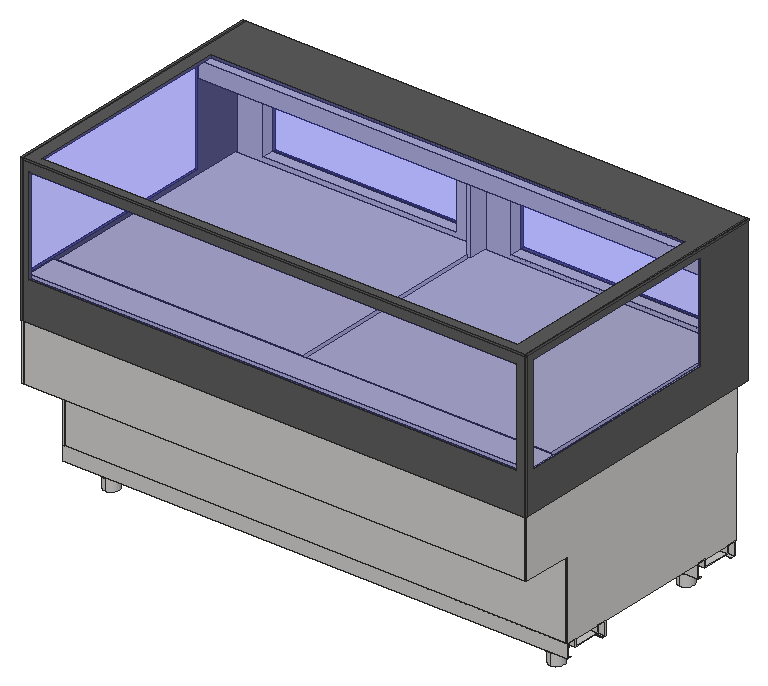
Revit family "Food-Service-Equipment_Oscartek_Italia_1-Pro-1500", category Specialty Equipment, Revit 2026
Family settings
  Round Connector Dimension = Use Diameter
  Part Type = Normal
  Classification Number = 23.40.40.11.17
  Work Plane-Based = No
  Enable Cutting in Views = No
  Always vertical = Yes
  Cut with Voids When Loaded = No
  Maintain Annotation Orientation = No
  Shared = No
  Room Calculation Point = No
Parameters
  Width = 59 3/16"
  Weight in Pounds = 352
  Watts = 900 W
  Volts = 120 V
  URL Cutsheet = "www.oscartek.com"
  URL = "www.oscartek.com"
  Type Mark [instance] = ""
  Type Comments = "As Specified"
  Test Data = "http://www.oscartek.com/company/clients.php"
  Status [instance] = ""
  Specification by User [instance] = ""
  Specification by Manufacturer = ""
  Specification = "https://www.arcat.com/arcatcos/cos48/arc48760.html"
  Show Clearance [instance] = yes
  Show 34 Inches Height [instance] = no
  Serial Number = ""
  Seismic Rating = ""
  Sales Information = "http://www.oscartek.com/company/contact.php"
  SMACNA No = ""
  Revision Code [instance] = ""
  Revision = "R1_2018-10"
  Refrigerant Volume = 0.00 kip
  Refrigerant Type = "R404A"
  Product Data = "http://www.oscartek.com/support/manuals/"
  Plumbing Remarks = ""
  Plumbing Connection Type = ""
  Phase = 1
  Omniclass Number and Title = ""
  Number of Poles [instance] = 1
  NAFEM Spec ID Number = ""
  Model = "ITALIA 1 PRO 1500"
  Min Ckt Ampacity = 0 A
  Max Overcurrent Protection = 0 A
  Masterspec = ""
  Manufacturer Website = "http://www.oscartek.com/index.php"
  Manufacturer Phone - Toll Free = "855-885-2400"
  Manufacturer Phone = "650-342-2400"
  Manufacturer Fax = "650-342-7400"
  Manufacturer Address = "361 Beach Rd., Burlingame, CA 94010"
  Manufacturer = "OSCARTEK"
  Item Number [instance] = ""
  Installed By [instance] = ""
  Installation-Fabrication = "http://www.oscartek.com/support/manuals/"
  Indirect Waste Size = 0"
  Indirect Waste Flow = 0 GPM
  Indirect Waste Connection Type = ""
  Indirect Waste Connection Height = 0"
  Identify Quantity as Lot [instance] = yes
  Height [instance] = if(Show 34 Inches Height, 34", 37 3/8")  # 37 3/8"
  HP = ""
  Green Building-LEED = "https://www.arcat.com/green/green_building.shtml"
  Glass Frame Finish = QF_Plastic-Black-Smooth
  Furnished By [instance] = ""
  Foodservice Equipment Identifier [instance] = yes
  FL Amps = 8.1 A
  Electrical Remarks [instance] = ""
  Electric Connection Type [instance] = ""
  Elec Conn RI Height [instance] = 0"
  Elec Conn Connection Height [instance] = 0"
  Drawn By = "Sumex Design, Inc. / Robert S. Weygant, CSI, CDT, SCIP"
  Description = "ITALIA 1 PRO HIGH HUMIDITY COLD 1500"
  Depth = 32 5/8"
  Default Elevation = 0"
  Cycle = 60 Hz
  Copyright = "©Arcat Inc."
  Construction Details = "http://www.oscartek.com/support/manuals/"
  Conn Plug = ""
  Conn Conduit = yes
  Category = ""
  CSI MasterFormat = "11 41 13"
  CSI Master Format = "Refrigerated Food Storage Cases"
  Building Codes = "https://www.arcat.com/arcatcos/cos48/arc48760.html"
  Body Finish = QF_Metal-Stainless-Polished
  BTUH = 3500.0 Btu/h
  Apparent Power = if(Phase = 3, Volts * FL Amps * 1.73, Volts * FL Amps)  # 972 VA
Reference planes (in)
  plane 1 "BACK": y = 0
  plane 2: z = 0
  plane 3 "LEFT": x = 0
  plane 4 "RIGHT": x = 59.1875
  plane 5 "FRONT": y = -32.625
  plane 6 "TOP": z = 37.375
  plane 7 "Center Y": x = 29.59375
  plane 8 "Center X": y = -16.3125
  plane 9: z = 4.375
  plane 10: x = 55.65836
  plane 11: x = 3.54375
  plane 12: z = 24.25
  plane 13: y = -4.69306
  plane 14: y = -23.68194
  plane 15: z = 13.5
  plane 16: x = 0.25
  plane 17: x = 58.9375
  plane 18: x = 0.75
  plane 19: x = 58.4375
Forms (in)
  Extrusion 1, solid, material "QF_Metal-Stainless-Polished" <- "Body Finish"
    sketch origin (59.1875, 0, 0) x (0, -1, 0) y (0, 0, 1)
      loop
        line (1.8125, 4.375) -> (26.4375, 4.375) -> (26.4375, 13.5) -> (32.375, 13.5) -> (32.375, 20.3125) -> (1.75, 20.3125) -> (1.75, 13.5) -> (1.8125, 13.5) -> (1.8125, 4.375)
    from 0 to 0.25
  Extrusion 2, solid, material "QF_Metal-Stainless-Polished"
    sketch origin (0, 0, 0) x (0, 1, 0) y (0, 0, 1)
      loop
        line (-26.01629, 2.76392) -> (-26.01629, 2.82642) -> (-26.375, 2.82642) -> (-26.375, 4.3125) -> (-25.36235, 4.3125) -> (-25.36235, 3.49218) -> (-22.0016, 3.49218) -> (-22.0016, 4.3125) -> (-20.98895, 4.3125) -> (-20.98895, 2.82642) -> (-21.34765, 2.82642) -> (-21.34765, 2.76392) -> (-20.92645, 2.76392) -> (-20.92645, 4.375) -> (-22.0641, 4.375) -> (-22.0641, 3.55468) -> (-25.29985, 3.55468) -> (-25.29985, 4.375) -> (-26.4375, 4.375) -> (-26.4375, 2.76392) -> (-26.01629, 2.76392)
      loop
        line (-7.02735, 2.76392) -> (-7.02735, 2.82642) -> (-7.38605, 2.82642) -> (-7.38605, 4.3125) -> (-6.3734, 4.3125) -> (-6.3734, 3.49218) -> (-3.01265, 3.49218) -> (-3.01265, 4.3125) -> (-2, 4.3125) -> (-2, 2.82642) -> (-2.35871, 2.82642) -> (-2.35871, 2.76392) -> (-1.9375, 2.76392) -> (-1.9375, 4.375) -> (-3.07515, 4.375) -> (-3.07515, 3.55468) -> (-6.3109, 3.55468) -> (-6.3109, 4.375) -> (-7.44855, 4.375) -> (-7.44855, 2.76392) -> (-7.02735, 2.76392)
    from 0 to 59.1875
  Revolve 3, solid, material "QF_Finishes_Stainless Steel"
    sketch origin (55.65836, -180, 1.4805) x (0, 0, 1) y (0, -1, 0)
      loop
        line (-1.4805, -155.45202) -> (-1.4805, -156.31806) -> (2.01168, -156.31806) -> (2.01168, -155.21583) -> (0.01509, -155.21583) -> (0.01509, -155.45202) -> (-1.4805, -155.45202)
      axis (-1.4805, -156.31806) -> (2.01168, -156.31806)
    angle from 0 to 360
  Revolve 4, solid, material "QF_Finishes_Stainless Steel"
    sketch origin (55.65836, -180, 1.4805) x (0, 0, 1) y (0, -1, 0)
      loop
        line (-1.4805, -174.44091) -> (-1.4805, -175.30694) -> (2.01168, -175.30694) -> (2.01168, -174.20472) -> (0.01509, -174.20472) -> (0.01509, -174.44091) -> (-1.4805, -174.44091)
      axis (-1.4805, -175.30694) -> (2.01168, -175.30694)
    angle from 0 to 360
  Revolve 5, solid, material "QF_Finishes_Stainless Steel"
    sketch origin (3.52914, -180, 1.4805) x (0, 0, 1) y (0, 1, 0)
      loop
        line (-1.4805, 155.45202) -> (0.01509, 155.45202) -> (0.01509, 155.21583) -> (2.01168, 155.21583) -> (2.01168, 156.31806) -> (-1.4805, 156.31806) -> (-1.4805, 155.45202)
      axis (-1.4805, 156.31806) -> (2.01168, 156.31806)
    angle from 0 to 360
  Revolve 6, solid, material "QF_Finishes_Stainless Steel"
    sketch origin (3.52914, -180, 1.4805) x (0, 0, 1) y (0, 1, 0)
      loop
        line (-1.4805, 174.44091) -> (0.01509, 174.44091) -> (0.01509, 174.20472) -> (2.01168, 174.20472) -> (2.01168, 175.30694) -> (-1.4805, 175.30694) -> (-1.4805, 174.44091)
      axis (-1.4805, 175.30694) -> (2.01168, 175.30694)
    angle from 0 to 360
  Extrusion 7, solid, material "QF_Metal-Stainless-Polished" <- "Body Finish"
    sketch origin (0, 0, 0) x (0, -1, 0) y (0, 0, -1)
      loop
        line (1.8125, -4.375) -> (1.8125, -13.5) -> (1.75, -13.5) -> (1.75, -20.3125) -> (32.375, -20.3125) -> (32.375, -13.5) -> (26.4375, -13.5) -> (26.4375, -4.375) -> (1.8125, -4.375)
    from 0 to 0.25
  Extrusion 8, solid, material "QF_Metal-Stainless-Polished" <- "Body Finish"
    sketch origin (59.1875, 0, 0) x (0, -1, 0) y (0, 0, 1)
      loop
        line (26.4375, 4.375) -> (26.4375, 13.5) -> (32.375, 13.5) -> (32.375, 24.25) -> (30.4375, 24.25) -> (30.4375, 15.875) -> (4.6875, 15.0625) -> (4.6875, 20.9375) -> (3.875, 20.9375) -> (3.875, 21.375) -> (1.75, 21.375) -> (1.75, 13.5) -> (1.8125, 13.5) -> (1.8125, 4.375) -> (26.4375, 4.375)
    from 0.25 to 58.9375
  Extrusion 9, solid, material "QF_Metal-Stainless-Polished"
    sketch origin (0, 0, 0) x (1, 0, 0) y (0, 0, 1)
      loop
        line (58.4375, 36) -> (29.84375, 36) -> (29.84375, 20.9375) -> (58.4375, 20.9375) -> (58.4375, 36)
      loop
        line (32.78125, 25.0625) -> (55.5, 25.0625) -> (55.5, 33.75) -> (32.78125, 33.75) -> (32.78125, 25.0625)
      loop
        line (0.75, 36) -> (0.75, 20.9375) -> (29.34375, 20.9375) -> (29.34375, 36) -> (0.75, 36)
      loop
        line (26.40625, 25.0625) -> (26.40625, 33.75) -> (3.6875, 33.75) -> (3.6875, 25.0625) -> (26.40625, 25.0625)
    from 1.75 to 0.25
  Extrusion 10, solid, material "Glass"
    sketch origin (0, 0, 37.375) x (-1, 0, 0) y (0, -1, 0)
      loop
        line (-1.75, 31.625) -> (-57.4375, 31.625) -> (-57.4375, 6.9375) -> (-1.75, 6.9375) -> (-1.75, 31.625)
    from -0.25 to 0
  Extrusion 11, solid, material "Glass"
    sketch origin (0, 0, 0) x (1, 0, 0) y (0, 0, 1)
      loop
        line (1.02344, 36.10156) -> (1.02344, 24.8125) -> (58.16406, 24.8125) -> (58.16406, 36.10156) -> (1.02344, 36.10156)
    from 32.375 to 32.625
  Extrusion 12, solid, material "QF_Metal-Stainless-Polished"
    sketch origin (59.1875, 0, 0) x (0, -1, 0) y (0, 0, 1)
      loop
        line (5.625, 37.125) -> (1.75, 37.125) -> (1.75, 35.5) -> (3.9375, 35.5) -> (3.9375, 34.4375) -> (6.9375, 34.4375) -> (6.9375, 36.3125) -> (5.625, 36.3125) -> (5.625, 37.125)
    from 0.25 to 58.9375
  Extrusion 13, solid, material "Glass"
    sketch origin (0, 0, 0) x (0, -1, 0) y (0, 0, -1)
      loop
        line (6.9375, -36.35138) -> (31.60137, -36.35138) -> (31.60137, -24.8125) -> (6.9375, -24.8125) -> (6.9375, -36.35138)
    from 58.9375 to 59.1875
  Extrusion 14, solid, material "QF_Metal-Stainless-Polished"
    sketch origin (59.1875, 0, 0) x (0, -1, 0) y (0, 0, 1)
      loop
        line (1.75, 21.375) -> (3.625, 21.375) -> (3.625, 21.75) -> (28, 21.75) -> (28, 24.75) -> (2, 24.75) -> (2, 22.8125) -> (1.25, 22.8125) -> (1.25, 22.1875) -> (0.25, 22.1875) -> (0.25, 20.9375) -> (1.75, 20.9375) -> (1.75, 21.375)
    from 29.84375 to 58.4375
  Extrusion 15, solid, material "QF_Metal-Stainless-Polished"
    sketch origin (59.1875, 0, 0) x (0, -1, 0) y (0, 0, 1)
      loop
        line (31.75, 24.25) -> (31.75, 24.8125) -> (28.125, 24.8125) -> (28.125, 21.32989) -> (3.875, 21.32989) -> (3.875, 20.9375) -> (30.4375, 20.9375) -> (30.4375, 24.25) -> (31.75, 24.25)
    from 0.25 to 58.9375
  Extrusion 16, solid, material "QF_Metal-Stainless-Polished"
    sketch origin (59.1875, 0, 0) x (0, -1, 0) y (0, 0, 1)
      loop
        line (0.25, 36) -> (0.25, 34.625) -> (1.25, 34.625) -> (1.25, 34.0625) -> (2.26855, 34.0625) -> (2.26855, 35.25) -> (3.66277, 35.25) -> (3.66277, 35.5) -> (1.75, 35.5) -> (1.75, 36) -> (0.25, 36)
    from 0.75 to 11.8125
  Extrusion 17, solid, material "QF_Door-Drawer Clearances", visible <- "Show Clearance", detail levels coarse
    sketch origin (0, 0, 37.375) x (-1, 0, 0) y (0, -1, 0)
      loop
        line (-58.4375, 0) -> (-58.4375, -12) -> (-29.84375, -12) -> (-29.84375, 0) -> (-58.4375, 0)
      loop
        line (-0.75, 0) -> (-29.34375, 0) -> (-29.34375, -12) -> (-0.75, -12) -> (-0.75, 0)
    from -17.0625 to -0.75
  Extrusion 18, solid, material "QF_Metal-Stainless-Polished"
    sketch origin (59.1875, -1.8125, 13.5) x (0, 0, -1) y (-1, 0, 0)
      loop
        line (1.625, 49.5625) -> (2.5625, 49.5625) -> (2.5625, 54.125) -> (1.625, 54.125) -> (1.625, 49.5625)
    from 0 to 0.125
  Extrusion 19, solid, material "Glass"
    sketch origin (0, 0, 0) x (1, 0, 0) y (0, 0, 1)
      loop
        line (32.78125, 25.0625) -> (55.5, 25.0625) -> (55.5, 33.75) -> (32.78125, 33.75) -> (32.78125, 25.0625)
      loop
        line (26.40625, 25.0625) -> (26.40625, 33.75) -> (3.6875, 33.75) -> (3.6875, 25.0625) -> (26.40625, 25.0625)
    from 0 to 0.25
  Extrusion 20, solid, material "QF_Plastic-Black-Smooth" <- "Glass Frame Finish"
    sketch origin (58.9375, 0, 0) x (0, 1, 0) y (0, 0, 1)
      loop
        line (-32.625, 20.3125) -> (0, 20.3125) -> (0, 37.375) -> (-32.625, 37.375) -> (-32.625, 20.3125)
      loop
        line (-31.60137, 24.8125) -> (-6.9375, 24.8125) -> (-6.9375, 36.35138) -> (-31.60137, 36.35138) -> (-31.60137, 24.8125)
    from 0.125 to 0.25
  Extrusion 21, solid, material "QF_Plastic-Black-Smooth" <- "Glass Frame Finish"
    sketch origin (0, 0, 0) x (1, 0, 0) y (0, 0, 1)
      loop
        line (0, 37.125) -> (0, 20.3125) -> (59.1875, 20.3125) -> (59.1875, 37.125) -> (0, 37.125)
      loop
        line (1.02344, 36.10156) -> (1.02344, 24.8125) -> (58.16406, 24.8125) -> (58.16406, 36.10156) -> (1.02344, 36.10156)
    from 32.375 to 32.625
  Extrusion 22, solid, material "QF_Plastic-Black-Smooth" <- "Glass Frame Finish"
    sketch origin (0, 0, 37.375) x (-1, 0, 0) y (0, -1, 0)
      loop
        line (0, 32.625) -> (-59.1875, 32.625) -> (-59.1875, 0) -> (0, 0) -> (0, 32.625)
      loop
        line (-1.75, 6.9375) -> (-1.75, 31.625) -> (-57.4375, 31.625) -> (-57.4375, 6.9375) -> (-1.75, 6.9375)
    from -0.25 to 0
  Extrusion 23, solid, material "QF_Metal-Stainless-Polished"
    sketch origin (59.1875, 0, 0) x (0, -1, 0) y (0, 0, 1)
      loop
        line (3.9375, 35.5) -> (1.75, 35.5) -> (1.75, 36) -> (0, 36) -> (0, 20.9375) -> (3.9375, 20.9375) -> (3.9375, 35.5)
    from 29.34375 to 29.84375
  Extrusion 24, solid, material "QF_Metal-Stainless-Polished"
    sketch origin (59.1875, 0, 0) x (0, -1, 0) y (0, 0, 1)
      loop
        line (1.75, 21.375) -> (3.625, 21.375) -> (3.625, 21.75) -> (28, 21.75) -> (28, 24.75) -> (2, 24.75) -> (2, 22.8125) -> (1.25, 22.8125) -> (1.25, 22.1875) -> (0.25, 22.1875) -> (0.25, 20.9375) -> (1.75, 20.9375) -> (1.75, 21.375)
    from 0.75 to 29.34375
  Extrusion 25, solid, material "Glass"
    sketch origin (47.375, 0, 0) x (0, -1, 0) y (0, 0, 1)
      loop
        line (6.9375, 36.35138) -> (6.9375, 24.8125) -> (31.60137, 24.8125) -> (31.60137, 36.35138) -> (6.9375, 36.35138)
    from 47.125 to 47.375
  Extrusion 26, solid, material "QF_Plastic-Black-Smooth" <- "Glass Frame Finish"
    sketch origin (0, 0, 0) x (1, 0, 0) y (0, 0, 1)
      loop
        line (58.4375, 36.625) -> (29.84375, 36.625) -> (29.84375, 20.3125) -> (58.4375, 20.3125) -> (58.4375, 36.625)
      loop
        line (32.78125, 25.0625) -> (55.5, 25.0625) -> (55.5, 33.75) -> (32.78125, 33.75) -> (32.78125, 25.0625)
      loop
        line (0.75, 36.625) -> (0.75, 20.3125) -> (29.34375, 20.3125) -> (29.34375, 36.625) -> (0.75, 36.625)
      loop
        line (26.40625, 25.0625) -> (26.40625, 33.75) -> (3.6875, 33.75) -> (3.6875, 25.0625) -> (26.40625, 25.0625)
    from 0 to 0.25
  Extrusion 27, solid, material "QF_Plastic-Black-Smooth" <- "Glass Frame Finish"
    sketch origin (0, 0, 0) x (0, 1, 0) y (0, 0, -1)
      loop
        line (-32.625, -20.3125) -> (-32.625, -37.375) -> (0, -37.375) -> (0, -20.3125) -> (-32.625, -20.3125)
      loop
        line (-31.60137, -24.8125) -> (-31.60137, -36.35138) -> (-6.9375, -36.35138) -> (-6.9375, -24.8125) -> (-31.60137, -24.8125)
    from 0 to -0.25
Cuts and joins
  joined: Extrusion 9, Extrusion 24
  joined: Extrusion 14, Extrusion 23
Lines and regions (in)
  Split face 1
    outline origin (59.1875, -1.6875, 13.5) x (0, 0, -1) y (-1, 0, 0)
      loop
        line (1.68658, 49.61224) -> (2.51583, 49.61224) -> (2.51583, 51.72781) -> (1.68658, 51.72781) -> (1.68658, 49.61224)
  Split face 2
    outline origin (59.1875, -1.6875, 13.5) x (0, 0, -1) y (-1, 0, 0)
      loop
        line (1.64453, 54.10938) -> (1.64453, 53.60938) -> (2.05963, 53.60938) -> (2.05963, 54.10938) -> (1.64453, 54.10938)
  Split face 3
    outline origin (59.76827, -1.6875, 13.5) x (0, 0, -1) y (-1, 0, 0)
      loop
        line (1.64453, 54.12765) -> (1.64453, 53.62765) -> (2.05963, 53.62765) -> (2.05963, 54.12765) -> (1.64453, 54.12765)
  Split face 4
    outline origin (60.33077, -1.6875, 13.5) x (0, 0, -1) y (-1, 0, 0)
      loop
        line (1.64453, 54.12765) -> (1.64453, 53.62765) -> (2.05963, 53.62765) -> (2.05963, 54.12765) -> (1.64453, 54.12765)
  Split face 5
    outline origin (60.89327, -1.6875, 13.5) x (0, 0, -1) y (-1, 0, 0)
      loop
        line (1.64453, 54.12765) -> (1.64453, 53.62765) -> (2.05963, 53.62765) -> (2.05963, 54.12765) -> (1.64453, 54.12765)
  Split face 6
    outline origin (59.1875, -1.6875, 9.3125) x (0, 0, 1) y (1, 0, 0)
      loop
        line (1.64453, -54.10938) -> (2.05963, -54.10938) -> (2.05963, -53.60938) -> (1.64453, -53.60938) -> (1.64453, -54.10938)
  Split face 7
    outline origin (58.60673, -1.6875, 9.3125) x (0, 0, 1) y (1, 0, 0)
      loop
        line (1.64453, -52.9661) -> (2.05963, -52.9661) -> (2.05963, -52.4661) -> (1.64453, -52.4661) -> (1.64453, -52.9661)
  Split face 8
    outline origin (58.04423, -1.6875, 9.3125) x (0, 0, 1) y (1, 0, 0)
      loop
        line (1.64453, -51.8411) -> (2.05963, -51.8411) -> (2.05963, -51.3411) -> (1.64453, -51.3411) -> (1.64453, -51.8411)
  Split face 9
    outline origin (57.48173, -1.6875, 9.3125) x (0, 0, 1) y (1, 0, 0)
      loop
        line (1.64453, -50.7161) -> (2.05963, -50.7161) -> (2.05963, -50.2161) -> (1.64453, -50.2161) -> (1.64453, -50.7161)
  Split face 10
    outline origin (59.1875, -28.125, 24.8125) x (0, -1, 0) y (1, 0, 0)
      loop
        line (1.18431, -57.4375) -> (2.20322, -57.4375) -> (2.20322, -1.75) -> (1.18431, -1.75) -> (1.18431, -57.4375)
  Split face 11
    outline origin (58.28355, -4.71186, 24.75) x (0, -1, 0) y (1, 0, 0)
      loop
        line (0.85254, -23.89417) -> (2.10254, -23.89417) -> (2.10254, -5.23792) -> (0.85254, -5.23792) -> (0.85254, -23.89417)
  Split face 12
    outline origin (59.1875, -2, 24.75) x (0, -1, 0) y (1, 0, 0)
      loop
        line (3.77735, -35.03435) -> (3.77735, -53.6906) -> (5.02735, -53.6906) -> (5.02735, -35.03435) -> (3.77735, -35.03435)
  symbolic lines
    curve 1: line (0, -32.625, 0) -> (59.1875, -32.625, 0)
    curve 2: line (0, 0, 0) -> (0, -32.625, 0)
    curve 3: line (59.1875, 0, 0) -> (0, 0, 0)
    curve 4: line (59.1875, -32.625, 0) -> (59.1875, 0, 0)
    curve 5: line (1.75, -6.9375, 0) -> (57.4375, -6.9375, 0)
    curve 6: line (57.4375, -6.9375, 0) -> (57.4375, -31.625, 0)
    curve 7: line (57.4375, -31.625, 0) -> (1.75, -31.625, 0)
    curve 8: line (1.75, -31.625, 0) -> (1.75, -6.9375, 0)
  symbolic lines, style "QF_Surface Details"
    curve 9: line (6.52987, -14.39801, 0) -> (11.12607, -9.80182, 0)
    curve 10: line (7.73913, -14.20723, 0) -> (10.92111, -11.02525, 0)
    curve 11: line (6.72065, -13.18876, 0) -> (9.90263, -10.00678, 0)
    curve 12: line (6.52987, -26.89801, 0) -> (11.12607, -22.30182, 0)
    curve 13: line (7.73913, -26.70723, 0) -> (10.92111, -23.52525, 0)
    curve 14: line (6.72065, -25.68876, 0) -> (9.90263, -22.50678, 0)
    curve 15: line (27.29565, -14.39801, 0) -> (31.89185, -9.80182, 0)
    curve 16: line (28.50491, -14.20723, 0) -> (31.68689, -11.02525, 0)
    curve 17: line (27.48643, -13.18876, 0) -> (30.66842, -10.00678, 0)
    curve 18: line (27.29565, -26.89801, 0) -> (31.89185, -22.30182, 0)
    curve 19: line (28.50491, -26.70723, 0) -> (31.68689, -23.52525, 0)
    curve 20: line (27.48643, -25.68876, 0) -> (30.66842, -22.50678, 0)
    curve 21: line (48.06143, -14.39801, 0) -> (52.65763, -9.80182, 0)
    curve 22: line (49.27069, -14.20723, 0) -> (52.45267, -11.02525, 0)
    curve 23: line (48.25222, -13.18876, 0) -> (51.4342, -10.00678, 0)
    curve 24: line (48.06143, -26.89801, 0) -> (52.65763, -22.30182, 0)
    curve 25: line (49.27069, -26.70723, 0) -> (52.45267, -23.52525, 0)
    curve 26: line (48.25222, -25.68876, 0) -> (51.4342, -22.50678, 0)
  symbolic lines, style "QF_Door-Drawer Clearances"
    curve 27: line (0.75, 0, 0) -> (0.75, 12, 0)
    curve 28: line (0.75, 12, 0) -> (29.34375, 12, 0)
    curve 29: line (29.34375, 12, 0) -> (29.34375, 0, 0)
    curve 30: line (29.84375, 0, 0) -> (29.84375, 12, 0)
    curve 31: line (29.84375, 12, 0) -> (58.4375, 12, 0)
    curve 32: line (58.4375, 12, 0) -> (58.4375, 0, 0)
Dimensions and locks (in)
  equal spacing: plane 3 "LEFT", plane 7 "Center Y", plane 4 "RIGHT"
  "Width": plane 3 "LEFT" to plane 4 "RIGHT"
  equal spacing: plane 5 "FRONT", plane 8 "Center X", plane 1 "BACK"
  "Depth": plane 5 "FRONT" to plane 1 "BACK"
  locked: plane 4 "RIGHT" to plane 10 at 3.52914
  locked: plane 11 to plane 3 "LEFT" at 3.54375
  plane 5 "FRONT" to plane 1 "BACK" = 32 5/8"
  Extrusion 2 to Extrusion 2 = 24 1/2"
  plane 9 to level = 4 3/8"
  locked: plane 17 to plane 4 "RIGHT" at 0.25
  locked: plane 3 "LEFT" to plane 16 at 0.25
  locked: Extrusion 8 sketch curve to plane 15 at 2.375
  locked: Extrusion 8 sketch curve to plane 15 at 1.5625
  Extrusion 8 sketch curve to Extrusion 8 sketch curve to plane 15 = 7/16" locked, 7 7/16" locked
  "Height": plane 6 "TOP" to level
  locked: plane 6 "TOP" to plane 12 at 13.125
  locked: plane 12 to plane 15 at 10.75
  plane 15 to level = 13 1/2"
  plane 12 to level = 24 1/4"
  locked: plane 6 "TOP" to Extrusion 10 at 0.25
  plane 6 "TOP" to Extrusion 12 sketch curve to Extrusion 12 sketch curve to Extrusion 12 sketch curve to Extrusion 12 sketch curve = 1/4" locked, 13/16" locked, 13/16" locked, 1 1/16" locked
  Extrusion 15 sketch curve to plane 12 to Extrusion 15 sketch curve to Extrusion 15 sketch curve = 9/16" locked, 2.92011" locked, 0.39239" locked
  plane 6 "TOP" to Extrusion 16 sketch curve to Extrusion 16 sketch curve to Extrusion 16 sketch curve to Extrusion 16 sketch curve to Extrusion 16 sketch curve = 1 3/8" locked, 1/2" locked, 1/4" locked, 5/8" locked, 9/16" locked
  locked: plane 18 to plane 3 "LEFT" at 0.75
  locked: plane 19 to plane 4 "RIGHT" at 0.75
  Extrusion 9 sketch curve to Extrusion 9 sketch curve to plane 3 "LEFT" = 2 15/16" locked, 3/4" locked
  Extrusion 9 sketch curve to Extrusion 9 sketch curve to plane 4 "RIGHT" = 2 15/16" locked, 3/4" locked
  Extrusion 9 sketch curve to Extrusion 9 sketch curve to plane 7 "Center Y" to Extrusion 9 sketch curve to Extrusion 9 sketch curve = 2 15/16" locked, 1/4" locked, 1/4" locked, 2 15/16" locked
  Extrusion 9 sketch curve to Extrusion 9 sketch curve to Extrusion 9 sketch curve to Extrusion 9 sketch curve to plane 6 "TOP" = 4 1/8" locked, 8 11/16" locked, 2 1/4" locked, 1 3/8" locked
  Extrusion 19 sketch curve to plane 7 "Center Y" to Extrusion 19 sketch curve = 3 3/16" locked, 3 3/16" locked
  locked: Extrusion 19 sketch curve to plane 3 "LEFT" at 3.6875
  locked: Extrusion 19 sketch curve to plane 4 "RIGHT" at 3.6875
  Extrusion 23 to plane 7 "Center Y" to Extrusion 23 = 1/4" locked, 1/4" locked
  locked: Extrusion 26 sketch curve to Extrusion 26 sketch curve at 2.9375  (x2)
  Extrusion 26 sketch curve to Extrusion 26 sketch curve to Extrusion 26 sketch curve to Extrusion 26 sketch curve = 2 15/16" locked, 1/2", 2 15/16" locked
  Extrusion 26 sketch curve to Extrusion 26 sketch curve to Extrusion 26 sketch curve to Extrusion 26 sketch curve = 4 3/4" locked, 8 11/16" locked, 2 7/8" locked
  aligned and locked: level to plane 2
  aligned and locked: Extrusion 2 to plane 4 "RIGHT"
  aligned and locked: Extrusion 1 sketch curve to plane 15
  aligned and locked: plane 15 to Extrusion 1 sketch curve
  aligned and locked: Extrusion 7 sketch curve to plane 15
  aligned and locked: plane 15 to Extrusion 7 sketch curve
  aligned and locked: plane 15 to Extrusion 8 sketch curve
  aligned and locked: Extrusion 8 sketch curve to plane 9
  aligned and locked: Extrusion 8 sketch curve to plane 12
  aligned and locked: plane 17 to Extrusion 8
  aligned and locked: plane 16 to Extrusion 8
  aligned and locked: plane 6 "TOP" to Extrusion 10
  aligned and locked: plane 17 to Extrusion 12
  aligned and locked: plane 16 to Extrusion 12
  aligned and locked: Extrusion 13 to plane 17
  aligned and locked: Extrusion 13 to plane 4 "RIGHT"
  aligned and locked: Extrusion 15 sketch curve to plane 12
  aligned and locked: plane 17 to Extrusion 15
  aligned and locked: plane 16 to Extrusion 15
  aligned and locked: Extrusion 14 to plane 18
  aligned and locked: Extrusion 9 sketch curve to Extrusion 9 sketch curve  (x4)
  aligned and locked: Extrusion 16 to plane 19
  aligned and locked: Extrusion 19 sketch curve to Extrusion 19 sketch curve  (x2)
  aligned and locked: Extrusion 14 to Extrusion 23
  aligned and locked: Extrusion 24 to Extrusion 23
  aligned and locked: Extrusion 24 to plane 19
  aligned and locked: Extrusion 26 sketch curve to Extrusion 26 sketch curve  (x4)
Automatic sketch dimensions
  plane 1 "BACK" to curve 3 = 0"
  curve 3 to plane 3 "LEFT" = 0"
  curve 27 to plane 18 = 0"
  curve 32 to plane 19 = 0"
  curve 4 to plane 4 "RIGHT" = 0"
  plane 5 "FRONT" to curve 1 = 0"
  plane 18 to curve 8 = 1"
  curve 28 to plane 7 "Center Y" = 1/4"
  plane 7 "Center Y" to curve 30 = 1/4"
  plane 19 to curve 6 = 1"
  curve 8 to plane 5 "FRONT" = 1"
  curve 8 to plane 13 = 2.24444"
  curve 29 to plane 1 "BACK" = 12"
  curve 28 to curve 30 = 0"
  plane 11 to curve 12 = 2.98612"
  plane 11 to curve 9 = 2.98612"
  curve 12 to curve 14 = 0.19078"
  curve 9 to curve 11 = 0.19078"
  curve 9 to curve 10 = 1.20925"
  curve 12 to curve 13 = 1.20925"
  curve 11 to curve 11 = 3.18198"
  plane 14 to curve 14 = 1.17517"
  curve 14 to curve 14 = 3.18198"
  curve 11 to curve 10 = 1.01847"
  plane 14 to curve 13 = 0.15669"
  curve 14 to curve 13 = 1.01847"
  plane 14 to curve 12 = 1.38013"
  curve 14 to curve 12 = 1.22343"
  curve 11 to curve 9 = 1.22343"
  curve 18 to plane 7 "Center Y" = 2.2981"
  curve 15 to plane 7 "Center Y" = 2.2981"
  curve 15 to curve 17 = 0.19078"
  curve 18 to curve 20 = 0.19078"
  curve 16 to plane 7 "Center Y" = 1.08884"
  curve 19 to plane 7 "Center Y" = 1.08884"
  plane 7 "Center Y" to curve 17 = 1.07467"
  plane 7 "Center Y" to curve 20 = 1.07467"
  plane 14 to curve 19 = 0.15669"
  curve 20 to curve 19 = 1.01847"
  curve 17 to curve 16 = 1.01847"
  curve 17 to curve 15 = 1.22343"
  curve 20 to curve 18 = 1.22343"
  curve 24 to plane 14 = 3.21607"
  curve 24 to plane 10 = 7.59693"
  plane 8 "Center X" to curve 21 = 1.91449"
  curve 21 to plane 10 = 7.59693"
  plane 8 "Center X" to curve 23 = 3.12374"
  curve 21 to curve 23 = 0.19078"
  curve 26 to plane 14 = 2.00681"
  curve 24 to curve 26 = 0.19078"
  curve 25 to plane 14 = 3.02529"
  curve 24 to curve 25 = 1.20925"
  plane 8 "Center X" to curve 22 = 2.10527"
  curve 21 to curve 22 = 1.20925"
  plane 14 to curve 26 = 1.17517"
  curve 26 to plane 10 = 4.22416"
  curve 23 to plane 10 = 4.22416"
  curve 23 to curve 22 = 1.01847"
  plane 14 to curve 25 = 0.15669"
  curve 26 to curve 25 = 1.01847"
  curve 23 to curve 21 = 1.22343"
  plane 14 to curve 24 = 1.38013"
  curve 26 to curve 24 = 1.22343"
  curve 12 to plane 14 = 3.21607"
  curve 18 to plane 14 = 3.21607"
  curve 18 to curve 19 = 0.19078"
  curve 12 to curve 13 = 0.19078"
  curve 12 to curve 14 = 1.20925"
  curve 18 to curve 20 = 1.20925"
  plane 14 to curve 20 = 1.17517"
  curve 20 to curve 18 = 0.20496"
  plane 8 "Center X" to curve 9 = 1.91449"
  plane 8 "Center X" to curve 15 = 1.91449"
  curve 15 to curve 16 = 0.19078"
  curve 9 to curve 10 = 0.19078"
  curve 15 to curve 17 = 1.20925"
  curve 9 to curve 11 = 1.20925"
  curve 10 to curve 10 = 3.18198"
  curve 16 to curve 16 = 3.18198"
  curve 22 to curve 22 = 3.18198"
  curve 16 to curve 17 = 1.01847"
  curve 22 to curve 23 = 1.01847"
  curve 10 to curve 11 = 1.01847"
  curve 23 to curve 21 = 0.20496"
  curve 11 to curve 9 = 0.20496"
  curve 17 to curve 15 = 0.20496"
  Extrusion 1 sketch curve to plane 9 = 0"
  plane 1 "BACK" to Extrusion 1 sketch curve = 1 3/4"
  plane 1 "BACK" to Extrusion 1 sketch curve = 1 13/16"
  Extrusion 1 sketch curve to plane 14 = 2.75556"
  Extrusion 1 sketch curve to plane 5 "FRONT" = 1/4"
  Extrusion 1 sketch curve to plane 12 = 3 15/16"
  Extrusion 2 sketch curve to plane 9 = 0"  (x4)
  Extrusion 2 sketch curve to plane 14 = 2.75556"
  Extrusion 2 sketch curve to Extrusion 2 sketch curve = 1/16"  (x14)
  Extrusion 2 sketch curve to Extrusion 2 sketch curve = 0.35871"  (x4)
  Extrusion 2 sketch curve to Extrusion 2 sketch curve = 0.65394"  (x4)
  plane 14 to Extrusion 2 sketch curve = 1.61784"
  Extrusion 2 sketch curve to plane 13 = 2.7555"
  plane 13 to Extrusion 2 sketch curve = 1.61791"
  Extrusion 2 sketch curve to plane 9 = 1/16"  (x4)
  Extrusion 2 sketch curve to Extrusion 2 sketch curve = 97/128"  (x2)
  Extrusion 2 sketch curve to Extrusion 2 sketch curve = 0.66575"  (x4)
  Revolve 3 sketch curve to level = 0"  (x2)
  Revolve 3 sketch curve to plane 14 = 0"  (x2)
  level to Revolve 3 sketch curve = 1.49559"
  Revolve 3 sketch curve to plane 9 = 113/128"
  Revolve 3 sketch curve to plane 14 = 0.86603"
  Revolve 3 sketch curve to Revolve 3 sketch curve = 0.23619"
  Revolve 3 sketch curve to Revolve 3 sketch curve = 0.62941"
  Revolve 4 sketch curve to level = 0"  (x2)
  Revolve 4 sketch curve to plane 13 = 0"  (x2)
  level to Revolve 4 sketch curve = 1.49559"
  Revolve 4 sketch curve to plane 9 = 113/128"
  Revolve 4 sketch curve to plane 13 = 0.86603"
  Revolve 4 sketch curve to Revolve 4 sketch curve = 0.23619"
  Revolve 4 sketch curve to Revolve 4 sketch curve = 0.62941"
  Revolve 5 sketch curve to level = 0"  (x2)
  Revolve 5 sketch curve to plane 14 = 0"  (x2)
  level to Revolve 5 sketch curve = 1.49559"
  Revolve 5 sketch curve to plane 9 = 113/128"
  Revolve 5 sketch curve to Revolve 5 sketch curve = 0.86603"
  Revolve 5 sketch curve to Revolve 5 sketch curve = 1.10222"
  Revolve 5 sketch curve to Revolve 5 sketch curve = 0.62941"
  Revolve 6 sketch curve to level = 0"  (x2)
  Revolve 6 sketch curve to plane 13 = 0"  (x2)
  level to Revolve 6 sketch curve = 1.49559"
  Revolve 6 sketch curve to plane 9 = 113/128"
  Revolve 6 sketch curve to Revolve 6 sketch curve = 0.86603"
  Revolve 6 sketch curve to Revolve 6 sketch curve = 1.10222"
  Revolve 6 sketch curve to Revolve 6 sketch curve = 0.62941"
  Extrusion 7 sketch curve to plane 9 = 0"
  plane 1 "BACK" to Extrusion 7 sketch curve = 1 3/4"
  plane 1 "BACK" to Extrusion 7 sketch curve = 1 13/16"
  Extrusion 7 sketch curve to plane 14 = 2.75556"
  Extrusion 7 sketch curve to plane 5 "FRONT" = 1/4"
  Extrusion 7 sketch curve to plane 12 = 3 15/16"
  Extrusion 8 sketch curve to plane 15 = 0"
  plane 1 "BACK" to Extrusion 8 sketch curve = 1 3/4"
  plane 1 "BACK" to Extrusion 8 sketch curve = 1 13/16"
  plane 13 to Extrusion 8 sketch curve = 0.81806"
  plane 13 to Extrusion 8 sketch curve = 0.00556"
  Extrusion 8 sketch curve to plane 14 = 2.75556"
  Extrusion 8 sketch curve to plane 5 "FRONT" = 2 3/16"
  Extrusion 8 sketch curve to plane 5 "FRONT" = 1/4"
  plane 19 to Extrusion 10 sketch curve = 1"
  plane 18 to Extrusion 10 sketch curve = 1"
  Extrusion 10 sketch curve to plane 13 = 2.24444"
  Extrusion 10 sketch curve to plane 5 "FRONT" = 1"
  plane 18 to Extrusion 11 sketch curve = 35/128"
  plane 19 to Extrusion 11 sketch curve = 35/128"
  plane 12 to Extrusion 11 sketch curve = 9/16"
  Extrusion 11 sketch curve to plane 6 "TOP" = 1 35/128"
  plane 1 "BACK" to Extrusion 12 sketch curve = 1 3/4"
  plane 13 to Extrusion 12 sketch curve = 0.75556"
  Extrusion 12 sketch curve to plane 13 = 0.93194"
  Extrusion 12 sketch curve to Extrusion 12 sketch curve = 1 5/16"
  plane 12 to Extrusion 13 sketch curve = 9/16"
  Extrusion 13 sketch curve to plane 13 = 2.24444"
  Extrusion 13 sketch curve to plane 5 "FRONT" = 1.02363"
  Extrusion 13 sketch curve to plane 6 "TOP" = 1.02362"
  plane 1 "BACK" to Extrusion 14 sketch curve = 1/4"
  Extrusion 14 sketch curve to Extrusion 14 sketch curve = 1"
  Extrusion 14 sketch curve to Extrusion 14 sketch curve = 1/2"
  plane 12 to Extrusion 14 sketch curve = 1/2"
  plane 1 "BACK" to Extrusion 14 sketch curve = 2"
  plane 13 to Extrusion 14 sketch curve = 1.06806"
  Extrusion 14 sketch curve to plane 14 = 4.31806"
  Extrusion 14 sketch curve to plane 12 = 1 7/16"
  Extrusion 14 sketch curve to Extrusion 14 sketch curve = 5/8"
  Extrusion 14 sketch curve to plane 12 = 2 1/2"
  Extrusion 14 sketch curve to Extrusion 14 sketch curve = 3/8"
  Extrusion 14 sketch curve to Extrusion 14 sketch curve = 1 1/4"
  plane 13 to Extrusion 15 sketch curve = 0.81806"
  Extrusion 15 sketch curve to plane 14 = 4.44306"
  Extrusion 15 sketch curve to plane 5 "FRONT" = 2 3/16"
  Extrusion 15 sketch curve to plane 5 "FRONT" = 7/8"
  plane 1 "BACK" to Extrusion 16 sketch curve = 1/4"
  Extrusion 16 sketch curve to Extrusion 16 sketch curve = 1"
  Extrusion 16 sketch curve to Extrusion 16 sketch curve = 1/2"
  Extrusion 16 sketch curve to Extrusion 16 sketch curve = 0.51855"
  plane 13 to Extrusion 16 sketch curve = 1.03029"
  Extrusion 17 sketch curve to plane 19 = 0"
  plane 1 "BACK" to Extrusion 17 sketch curve = 0"  (x2)
  Extrusion 17 sketch curve to plane 18 = 0"
  plane 7 "Center Y" to Extrusion 17 sketch curve = 1/4"
  Extrusion 17 sketch curve to plane 7 "Center Y" = 1/4"
  Extrusion 17 sketch curve to plane 1 "BACK" = 12"
  Extrusion 17 sketch curve to Extrusion 17 sketch curve = 0"
  Extrusion 8 to Extrusion 18 sketch curve = 1 5/8"
  Extrusion 18 sketch curve to Extrusion 18 sketch curve = 15/16"
  Extrusion 8 to Extrusion 18 sketch curve = 9 3/8"
  Extrusion 18 sketch curve to Extrusion 18 sketch curve = 4 9/16"
  Split face 1 sketch curve to Extrusion 18 = 0.06158"
  Split face 1 sketch curve to Extrusion 18 = 0.04667"
  Split face 1 sketch curve to Extrusion 18 = 0.04974"
  Split face 1 sketch curve to Split face 1 sketch curve = 2.11558"
  Split face 2 sketch curve to Extrusion 18 = 5/256"
  Split face 2 sketch curve to Extrusion 18 = 1/64"
  Split face 2 sketch curve to Split face 2 sketch curve = 0.4151"
  Split face 2 sketch curve to Split face 2 sketch curve = 1/2"
  Split face 3 sketch curve to Extrusion 18 = 5/256"
  Split face 3 sketch curve to Split face 3 sketch curve = 0.4151"
  Split face 3 sketch curve to Extrusion 18 = 1 5/64"
  Split face 3 sketch curve to Split face 3 sketch curve = 1/2"
  Split face 4 sketch curve to Extrusion 18 = 5/256"
  Split face 4 sketch curve to Split face 4 sketch curve = 0.4151"
  Split face 4 sketch curve to Extrusion 18 = 1 41/64"
  Split face 4 sketch curve to Split face 4 sketch curve = 1/2"
  Split face 5 sketch curve to Extrusion 18 = 5/256"
  Split face 5 sketch curve to Split face 5 sketch curve = 0.4151"
  Split face 5 sketch curve to Extrusion 18 = 2 13/64"
  Split face 5 sketch curve to Split face 5 sketch curve = 1/2"
  Split face 6 sketch curve to Extrusion 18 = 5/256"
  Split face 6 sketch curve to Extrusion 18 = 1/64"
  Split face 6 sketch curve to Split face 6 sketch curve = 0.4151"
  Split face 6 sketch curve to Split face 6 sketch curve = 1/2"
  Split face 7 sketch curve to Extrusion 18 = 5/256"
  Split face 7 sketch curve to Split face 7 sketch curve = 0.4151"
  Split face 7 sketch curve to Extrusion 18 = 37/64"
  Split face 7 sketch curve to Split face 7 sketch curve = 1/2"
  Split face 8 sketch curve to Extrusion 18 = 5/256"
  Split face 8 sketch curve to Split face 8 sketch curve = 0.4151"
  Split face 8 sketch curve to Extrusion 18 = 1 9/64"
  Split face 8 sketch curve to Split face 8 sketch curve = 1/2"
  Split face 9 sketch curve to Extrusion 18 = 5/256"
  Split face 9 sketch curve to Split face 9 sketch curve = 0.4151"
  Split face 9 sketch curve to Extrusion 18 = 1 45/64"
  Split face 9 sketch curve to Split face 9 sketch curve = 1/2"
  plane 12 to Extrusion 19 sketch curve = 13/16"
  Extrusion 19 sketch curve to plane 6 "TOP" = 3 5/8"
  Extrusion 8 to Extrusion 20 sketch curve = 1/4"
  Extrusion 20 sketch curve to Extrusion 8 = 0.77363"
  Extrusion 8 to Extrusion 20 sketch curve = 2 1/4"
  Extrusion 20 sketch curve to Extrusion 8 = 5/8"
  Extrusion 8 to Extrusion 20 sketch curve = 1 3/4"
  Extrusion 8 to Extrusion 20 sketch curve = 9/16"
  Extrusion 20 sketch curve to Extrusion 20 sketch curve = 11.53888"
  Extrusion 20 sketch curve to Extrusion 20 sketch curve = 1.02362"
  Extrusion 21 sketch curve to plane 3 "LEFT" = 0"
  plane 4 "RIGHT" to Extrusion 21 sketch curve = 0"
  plane 18 to Extrusion 21 sketch curve = 35/128"
  plane 19 to Extrusion 21 sketch curve = 35/128"
  Extrusion 21 sketch curve to plane 12 = 3 15/16"
  plane 12 to Extrusion 21 sketch curve = 9/16"
  Extrusion 21 sketch curve to plane 6 "TOP" = 1 35/128"
  Extrusion 21 sketch curve to plane 6 "TOP" = 1/4"
  Extrusion 22 sketch curve to plane 4 "RIGHT" = 0"
  Extrusion 22 sketch curve to plane 3 "LEFT" = 0"
  plane 1 "BACK" to Extrusion 22 sketch curve = 0"
  plane 5 "FRONT" to Extrusion 22 sketch curve = 0"
  plane 19 to Extrusion 22 sketch curve = 1"
  plane 18 to Extrusion 22 sketch curve = 1"
  Extrusion 22 sketch curve to plane 13 = 2.24444"
  Extrusion 22 sketch curve to plane 5 "FRONT" = 1"
  Extrusion 23 sketch curve to plane 1 "BACK" = 0"
  plane 1 "BACK" to Extrusion 23 sketch curve = 1 3/4"
  plane 13 to Extrusion 23 sketch curve = 0.75556"
  Extrusion 23 sketch curve to plane 12 = 3 5/16"
  Extrusion 23 sketch curve to plane 6 "TOP" = 1 7/8"
  Extrusion 23 sketch curve to Extrusion 23 sketch curve = 1/2"
  plane 1 "BACK" to Extrusion 24 sketch curve = 1/4"
  Extrusion 24 sketch curve to Extrusion 24 sketch curve = 1"
  Extrusion 24 sketch curve to Extrusion 24 sketch curve = 1/2"
  plane 12 to Extrusion 24 sketch curve = 1/2"
  plane 1 "BACK" to Extrusion 24 sketch curve = 2"
  plane 13 to Extrusion 24 sketch curve = 1.06806"
  Extrusion 24 sketch curve to plane 14 = 4.31806"
  Extrusion 24 sketch curve to plane 12 = 1 7/16"
  Extrusion 24 sketch curve to Extrusion 24 sketch curve = 5/8"
  Extrusion 24 sketch curve to plane 12 = 2 1/2"
  Extrusion 24 sketch curve to Extrusion 24 sketch curve = 3/8"
  Extrusion 24 sketch curve to Extrusion 24 sketch curve = 1 1/4"
  plane 12 to Extrusion 25 sketch curve = 9/16"
  Extrusion 25 sketch curve to plane 13 = 2.24444"
  Extrusion 25 sketch curve to plane 5 "FRONT" = 1.02363"
  Extrusion 25 sketch curve to plane 6 "TOP" = 1.02362"
  Split face 10 sketch curve to Extrusion 15 = 1.18431"
  Split face 10 sketch curve to Split face 10 sketch curve = 1.01891"
  Split face 10 sketch curve to Extrusion 15 = 1 1/2"  (x2)
  Split face 11 sketch curve to Extrusion 24 = 3.56439"
  Split face 11 sketch curve to Split face 11 sketch curve = 1 1/4"
  Split face 11 sketch curve to Extrusion 24 = 4.54563"
  Split face 11 sketch curve to Extrusion 24 = 5.39187"
  Split face 12 sketch curve to Extrusion 14 = 3 199/256"
  Split face 12 sketch curve to Split face 12 sketch curve = 1 1/4"
  Split face 12 sketch curve to Extrusion 14 = 4.7469"
  Split face 12 sketch curve to Extrusion 14 = 5.1906"
  Extrusion 26 sketch curve to plane 18 = 0"
  plane 19 to Extrusion 26 sketch curve = 0"
  plane 12 to Extrusion 26 sketch curve = 13/16"
  Extrusion 26 sketch curve to plane 7 "Center Y" = 3 3/16"
  Extrusion 7 to Extrusion 27 sketch curve = 0"
  Extrusion 27 sketch curve to Extrusion 7 = 1 3/4"
  Extrusion 7 to Extrusion 27 sketch curve = 5 1/8"
  Extrusion 7 to Extrusion 27 sketch curve = 0.77363"
  Extrusion 27 sketch curve to Extrusion 7 = 1/4"
  Extrusion 27 sketch curve to Extrusion 7 = 4 1/2"
  Extrusion 27 sketch curve to Extrusion 27 sketch curve = 11.53888"
  Extrusion 27 sketch curve to Extrusion 27 sketch curve = 1.02362"
Connectors (in)
  electrical at (7.34375, -1.8125, 11.40625), driven by "Volts", driven by "Watts"
    settings: on Extrusion 18, index 1, voltage 120 V, apparent load 900 VA, apparent load phase1 0 VA, apparent load phase2 0 VA, apparent load phase3 0 VA, power factor 1, load classification "Other", number of poles 1, system type 30, power factor state 1, is connector primary yes, connector utility no, sub classification motor no, connector description "ELECTRICAL CONNECTION"
